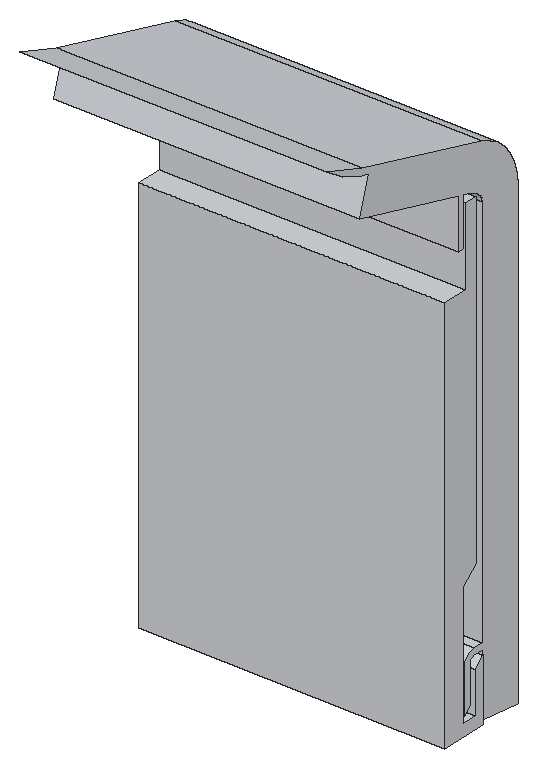
Revit family "HansWeitzel_2518", category Allgemeines Modell, Revit 2017
Family settings
  Basisbauteil = Wand
  Kann Basisbauteil für Bewehrung sein = Nein
  Bemaßung runder Anschluss = Durchmesser verwenden
  Teiletyp = Normal
  Immer vertikal = Ja
  Beim Laden mit Abzugskörper schneiden = Nein
  Gemeinsam genutzt = Nein
  Raumberechnungspunkt = Nein
Parameters (values of type "Type 1")
  max. Betriebstemperatur (°C) = 90
  Werkstoff = "Polystyrol"
  Wandmontage möglich = yes
  Typname = "HZ-Stoßverbinder SLF Graphit"
  Tiefe (mm) = 30
  Profilart = "Anschlussprofi"
  Menge pro Verpackungseinheit = 10
  Length3 = 50 mm
  Length2 = 50 mm
  Length1 = 50 mm
  Ist Zubehör = no
  Ist System = no
  Höhe [mm] = 97
  Hersteller = "Hans Weitzel GmbH & Co. KG"
  HeinzeBIM = "https://www.heinze.de/bim/hz-stossverbinder-slf-graphit/275b86dd962cacc2beb3615255e87840930ecf66"
  HAN = "2518"
  Gewicht unverpackt (netto) [kg] = 0.008
  GTIN = "4022023221718"
  Farbton = "grau"
  Dekor = "Graphit"
  Breite [mm] = 45
  Beschreibung = "HZ-Stoßverbinder SLF Graphit f. HZ-Sockelleiste SLF /Plus m. SCH2158"
  BIMSITE_PRODUCT_ID = "275b86dd962cacc2beb3615255e87840930ecf66"
  BIM = "https://media.live.bim.site/t/eyJhbGciOiJIUzI1NiIsInR5cCI6IkpXVCJ9.eyJjdCI6MSwidGYiOiJwdWJsaWMvaGFucy13ZWl0emVsLWdtYmgtY28ta2cvMjI1MGEyZS9IWl9TTEZfU3Rvc3N2ZXJiaW5kZXIucmZhIiwiY2lkIjoiZmVkOThlOWEtMWJkOC00YzY4LWE3M2ItNzRhOTRlMzE1ODIzIiwicmlkIjoiNGFkMTkxYTFjYTc2ZTlhMTM4NzQyMDE4NzM1ZTM1NDciLCJwaWQiOiIyNzViODZkZDk2MmNhY2MyYmViMzYxNTI1NWU4Nzg0MDkzMGVjZjY2Iiwic2lkIjoiNjM1NTgiLCJ1dCI6NSwibGMiOiJkZSIsImlhdCI6MTU4MDEyMzU4NiwiaXNzIjoiaHR0cHM6Ly9hcGkubGl2ZS5iaW0uc2l0ZSIsInN1YiI6ImY1ODZjNGI2LWE1MDgtNDI3YS05ODE4LTEzMTc5NjY1NzZiYyJ9.VQN_5SbiM3ngOluNLJMvKCei042U1iXYp79PhomHqOo/HZ_SLF_Stossverbinder.rfa"
Reference planes
  plane 1 "Wall": y = 0
  plane 2 "Center (Left/Right)": x = 125
  plane 3 "Back": y = 75
Text (mm)
  text "Placement side" at (0, 1409.804, 2854.306), in view "Left"
  text "Placement side" at (0, 499.811, 2980.732), in view "Right"
Dimensions and locks
  locked: plane 3 "Back" to host wall
  aligned and locked: plane 1 "Wall" to host wall
  aligned and locked: nested 1 to plane 3 "Back"
  aligned and locked: nested 2 to plane 3 "Back"
  aligned and locked: nested 2 to plane 2 "Center (Left/Right)"
  aligned and locked: nested 1 to plane 2 "Center (Left/Right)"
Nested families
  nested 1: "HZ_SLF_Part2" at (125, 75, 0) x (-1, 0, 0) z (0, 0, 1), type "HZ_SLF_Part2"
    with Length2 50 mm
  nested 2: "HZ_SLF_Profil" at (125, 75, 0) x (-1, 0, 0) z (0, 0, 1), type "HZ_SLF_Profil"
Definition of nested family "HZ_SLF_Part2"
  Parameters
    Length2 = 400 mm
  Reference planes
    plane 1 "Center (Front/Back)": y = 0
    plane 2: z = 0
    plane 3 "Center (Left/Right)": x = 0
    plane 4: z = 78
  Forms (mm)
    Extrusion 1, solid, detail levels fine
      sketch origin (0, 0, 0) x (0, 1, 0) y (0, 0, 1)
        loop
          line (-28, 65.25) -> (-28, 78) -> (-30, 78) -> (-30, 24.25) -> (-27.5, 22) -> (-27.5, 2) -> (-30, 2) -> (-30, 8.75) -> (-31.5, 10.25) -> (-31.5, 0) -> (-23.75, 0) -> (-23.75, 65.25) -> (-28, 65.25)
      from -200 to 200
    Extrusion 2, solid, detail levels medium
      sketch origin (0, 0, 0) x (0, 1, 0) y (0, 0, 1)
        loop
          line (-28, 65.25) -> (-28, 78) -> (-30, 78) -> (-30, 22) -> (-27.5, 22) -> (-27.5, 2) -> (-30, 2) -> (-30, 8.75) -> (-31.5, 8.75) -> (-31.5, 0) -> (-23.75, 0) -> (-23.75, 65.25) -> (-28, 65.25)
      from -200 to 200
    Extrusion 3, solid, detail levels coarse
      sketch origin (0, 0, 0) x (0, 1, 0) y (0, 0, 1)
        loop
          line (-31.5, 78) -> (-31.5, 0) -> (-23.75, 0) -> (-23.75, 78) -> (-31.5, 78)
      from -200 to 200
  Dimensions and locks
    equal spacing: Extrusion 1, plane 3 "Center (Left/Right)", Extrusion 1
    "Length2": Extrusion 1 to Extrusion 1
    aligned and locked: level to plane 2
    aligned and locked: Extrusion 3 to Extrusion 1  (x2)
    aligned and locked: Extrusion 2 to Extrusion 3  (x2)
  Automatic sketch dimensions
    Extrusion 1 sketch curve to level = 0 mm
    level to Extrusion 1 sketch curve = 10.25 mm
    plane 1 "Center (Front/Back)" to Extrusion 1 sketch curve = 31.5 mm
    Extrusion 1 sketch curve to Extrusion 1 sketch curve = 1.5 mm  (x2)
    level to Extrusion 1 sketch curve = 8.75 mm
    Extrusion 1 sketch curve to Extrusion 1 sketch curve = 2 mm
    Extrusion 1 sketch curve to Extrusion 1 sketch curve = 2.5 mm
    Extrusion 1 sketch curve to Extrusion 1 sketch curve = 4.25 mm
    level to Extrusion 1 sketch curve = 2 mm
    Extrusion 1 sketch curve to Extrusion 1 sketch curve = 11.75 mm
    Extrusion 1 sketch curve to Extrusion 1 sketch curve = 2.25 mm
    Extrusion 1 sketch curve to Extrusion 1 sketch curve = 41 mm
    Extrusion 1 sketch curve to Extrusion 1 sketch curve = 12.75 mm
    Extrusion 2 sketch curve to level = 0 mm
    plane 1 "Center (Front/Back)" to Extrusion 2 sketch curve = 31.5 mm
    Extrusion 2 sketch curve to Extrusion 2 sketch curve = 1.5 mm
    Extrusion 2 sketch curve to Extrusion 2 sketch curve = 2 mm
    Extrusion 2 sketch curve to Extrusion 2 sketch curve = 4.25 mm
    level to Extrusion 2 sketch curve = 2 mm
    Extrusion 2 sketch curve to Extrusion 2 sketch curve = 12.75 mm
    Extrusion 2 sketch curve to Extrusion 2 sketch curve = 2.5 mm
    Extrusion 2 sketch curve to Extrusion 2 sketch curve = 43.25 mm
    Extrusion 2 sketch curve to Extrusion 2 sketch curve = 0 mm
    Extrusion 2 sketch curve to Extrusion 2 sketch curve = 6.75 mm
    Extrusion 2 sketch curve to Extrusion 2 sketch curve = 13.25 mm
    Extrusion 3 sketch curve to level = 0 mm
    Extrusion 3 sketch curve to Extrusion 3 sketch curve = 7.75 mm
    plane 1 "Center (Front/Back)" to Extrusion 3 sketch curve = 31.5 mm
    level to Extrusion 3 sketch curve = 78 mm
Definition of nested family "HZ_SLF_Profil"
  Parameters
    Length3 = 50 mm
  Reference planes
    plane 1 "Center (Front/Back)": y = 0
    plane 2: z = 0
    plane 3 "Center (Left/Right)": x = 0
    plane 4: z = 95
  Forms (mm)
    Extrusion 1, solid, detail levels fine
      sketch origin (0, 0, 0) x (0, 1, 0) y (0, 0, 1)
        loop
          line (-38.561, 76.002) -> (-38.561, 0) -> (-31.5, 0.791) -> (-31.5, 11) -> (-29.75, 11)
          arc (-29.75, 11) -> (-29.043, 10.707) -> (-28.75, 10) r 1
          line (-28.75, 10) -> (-28.75, 4) -> (-27.75, 3) -> (-27.75, 10)
          arc (-27.75, 10) -> (-28.336, 11.414) -> (-29.75, 12) r 2
          line (-29.75, 12) -> (-31.5, 12) -> (-31.5, 76.545)
          arc (-31.5, 76.545) -> (-30.751, 77.994) -> (-29.355, 78.837) r 3
          line (-29.355, 78.837) -> (-27.5, 79.347) -> (-27.5, 71.5) -> (-26.5, 71.5) -> (-26.5, 79.621) -> (-6.471, 85.123) -> (-8.262, 90.853) -> (-6.8, 91.255)
          arc (-6.8, 91.255) -> (-2.978, 92.748) -> (0.452, 95) r 19.703
          arc (0.452, 95) -> (-3.246, 93.447) -> (-7.065, 92.219) r 46.507
          line (-7.065, 92.219) -> (-31.209, 85.587)
          arc (-31.209, 85.587) -> (-36.496, 82.03) -> (-38.561, 76.002) r 10
      from -25 to 25
    Extrusion 2, solid, detail levels medium
      sketch origin (0, 0, 0) x (0, 1, 0) y (0, 0, 1)
        loop
          line (-7.065, 92.219) -> (-31.209, 85.587)
          arc (-31.209, 85.587) -> (-36.496, 82.03) -> (-38.561, 76.002) r 10
          line (-38.561, 76.002) -> (-38.561, 0) -> (-31.5, 0.791) -> (-31.5, 11) -> (-28.75, 11) -> (-28.75, 3) -> (-27.75, 3) -> (-27.75, 12) -> (-31.5, 12) -> (-31.5, 76.545)
          arc (-31.5, 76.545) -> (-30.751, 77.994) -> (-29.355, 78.837) r 3
          line (-29.355, 78.837) -> (-27.5, 79.347) -> (-27.5, 71.5) -> (-26.5, 71.5) -> (-26.5, 79.621) -> (-6.471, 85.123) -> (0.452, 95)
          arc (0.452, 95) -> (-3.246, 93.447) -> (-7.065, 92.219) r 46.507
      from -25 to 25
    Extrusion 3, solid, detail levels coarse
      sketch origin (0, 0, 0) x (0, 1, 0) y (0, 0, 1)
        loop
          line (-38.561, 0) -> (0.452, 0) -> (0.452, 95) -> (-38.561, 95) -> (-38.561, 0)
      from -25 to 25
  Dimensions and locks
    equal spacing: Extrusion 3, plane 3 "Center (Left/Right)", Extrusion 3
    "Length3": Extrusion 3 to Extrusion 3
    aligned and locked: level to plane 2
    aligned and locked: Extrusion 1 to Extrusion 3
    aligned and locked: Extrusion 2 to Extrusion 3
    aligned and locked: Extrusion 3 to Extrusion 1
    aligned and locked: Extrusion 3 to Extrusion 2
  Automatic sketch dimensions
    plane 1 "Center (Front/Back)" to Extrusion 3 sketch curve = 38.561 mm
    Extrusion 3 sketch curve to plane 1 "Center (Front/Back)" = 0.452 mm
    Extrusion 3 sketch curve to level = 0 mm
    level to Extrusion 3 sketch curve = 95 mm
    Extrusion 2 sketch curve to Extrusion 2 sketch curve = 0 mm  (x2)
    Extrusion 2 sketch curve to level = 0 mm
    Extrusion 2 sketch curve to plane 4 = 0 mm
    plane 1 "Center (Front/Back)" to Extrusion 2 sketch curve = 38.561 mm
    level to Extrusion 2 sketch curve = 0.791 mm
    Extrusion 2 sketch curve to Extrusion 2 sketch curve = 7.061 mm  (x2)
    Extrusion 2 sketch curve to plane 4 = 9.413 mm
    Extrusion 2 sketch curve to Extrusion 2 sketch curve = 0.291 mm
    Extrusion 2 sketch curve to plane 4 = 16.163 mm
    Extrusion 2 sketch curve to Extrusion 2 sketch curve = 2.145 mm
    Extrusion 2 sketch curve to Extrusion 2 sketch curve = 2.75 mm
    Extrusion 2 sketch curve to Extrusion 2 sketch curve = 2.939 mm
    Extrusion 2 sketch curve to Extrusion 2 sketch curve = 1 mm  (x3)
    Extrusion 2 sketch curve to Extrusion 2 sketch curve = 1.061 mm
    plane 1 "Center (Front/Back)" to Extrusion 2 sketch curve = 19.383 mm
    plane 1 "Center (Front/Back)" to Extrusion 2 sketch curve = 7.065 mm
    plane 1 "Center (Front/Back)" to Extrusion 2 sketch curve = 6.471 mm
    level to Extrusion 2 sketch curve = 3 mm
    Extrusion 2 sketch curve to Extrusion 2 sketch curve = 8 mm
    Extrusion 2 sketch curve to Extrusion 2 sketch curve = 7.337 mm
    Extrusion 2 sketch curve to Extrusion 2 sketch curve = 2.893 mm
    Extrusion 2 sketch curve to Extrusion 2 sketch curve = 0.51 mm
    Extrusion 2 sketch curve to Extrusion 2 sketch curve = 0.275 mm
    Extrusion 2 sketch curve to plane 4 = 9.877 mm
    Extrusion 2 sketch curve to plane 4 = 2.781 mm
    plane 4 to Extrusion 2 sketch curve = 42.065 mm
    Extrusion 1 sketch curve to Extrusion 1 sketch curve = 0 mm  (x5)
    Extrusion 1 sketch curve to level = 0 mm
    Extrusion 1 sketch curve to plane 4 = 0 mm
    plane 1 "Center (Front/Back)" to Extrusion 1 sketch curve = 38.561 mm
    level to Extrusion 1 sketch curve = 0.791 mm
    Extrusion 1 sketch curve to Extrusion 1 sketch curve = 7.061 mm
    Extrusion 1 sketch curve to plane 4 = 9.413 mm
    Extrusion 1 sketch curve to Extrusion 1 sketch curve = 0.291 mm
    Extrusion 1 sketch curve to Extrusion 1 sketch curve = 1.75 mm
    Extrusion 1 sketch curve to plane 4 = 16.163 mm
    Extrusion 1 sketch curve to Extrusion 1 sketch curve = 2.145 mm
    level to Extrusion 1 sketch curve = 4 mm
    Extrusion 1 sketch curve to Extrusion 1 sketch curve = 2.75 mm
    Extrusion 1 sketch curve to Extrusion 1 sketch curve = 2.939 mm
    Extrusion 1 sketch curve to Extrusion 1 sketch curve = 1 mm  (x3)
    Extrusion 1 sketch curve to Extrusion 1 sketch curve = 1.855 mm
    plane 1 "Center (Front/Back)" to Extrusion 1 sketch curve = 19.383 mm
    plane 1 "Center (Front/Back)" to Extrusion 1 sketch curve = 12.019 mm
    plane 1 "Center (Front/Back)" to Extrusion 1 sketch curve = 8.262 mm
    Extrusion 1 sketch curve to Extrusion 1 sketch curve = 1.197 mm
    Extrusion 1 sketch curve to Extrusion 1 sketch curve = 1.791 mm
    Extrusion 1 sketch curve to Extrusion 1 sketch curve = 6 mm
    Extrusion 1 sketch curve to Extrusion 1 sketch curve = 7.337 mm
    Extrusion 1 sketch curve to Extrusion 1 sketch curve = 2.893 mm
    Extrusion 1 sketch curve to Extrusion 1 sketch curve = 0.51 mm
    Extrusion 1 sketch curve to Extrusion 1 sketch curve = 0.275 mm
    Extrusion 1 sketch curve to plane 4 = 9.877 mm
    Extrusion 1 sketch curve to plane 4 = 4.147 mm
    Extrusion 1 sketch curve to Extrusion 1 sketch curve = 1.366 mm
    plane 4 to Extrusion 1 sketch curve = 15.254 mm
    Extrusion 1 sketch curve to Extrusion 1 sketch curve = 26.811 mm
    Extrusion 1 sketch curve to Extrusion 1 sketch curve = 0.265 mm
